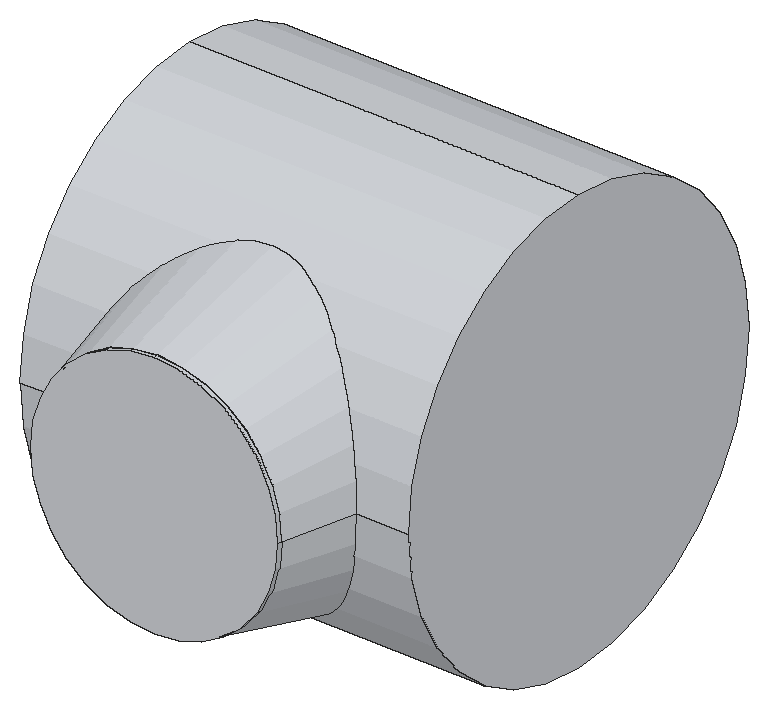
Revit family "d08d7e630a7a43db8aba611499c45f71", category Duct Fittings, Revit 2021
Family settings
  Round Connector Dimension = Use Radius
  Part Type = Cross
  OmniClass Number = 23.75.70.14
  OmniClass Title = Air Ductwork
  Seek Item ID = Round Cross - Conical-0000-USA-ENU
  Work Plane-Based = No
  Always vertical = Yes
  Cut with Voids When Loaded = No
  Shared = No
Parameters (values of type "Standard")
  StubLength [instance] = 1/4"
  Duct Radius 1 [instance] = 12"
  L1 [instance] = ConeBaseRadius * 2  # 22"
  Duct Radius 4 [instance] = 7"
  Duct Radius 3 [instance] = 3"
  Duct Diameter 4 [instance] = 2 * Duct Radius 4  # 14"
  Default Elevation = 0' - 0"
  D3 ConeLength [instance] = -ConeLength  # -16"
  Duct Diameter 3 [instance] = 2 * Duct Radius 3  # 6"
  Duct Diameter 1 [instance] = 2 * Duct Radius 1  # 24"
  ConeLength [instance] = Duct Radius 1 + ConeExtension  # 16"
  ConeLeg [instance] = 2"
  ConeExtension [instance] = 4"
  ConeBaseRadius [instance] = if(Duct Radius 3 > Duct Radius 4, Duct Radius 3 + ConeLeg * 2, Duct Radius 4 + ConeLeg * 2)  # 11"
  Assembly Code = ""
Reference planes (in)
  plane 1 "Center (Front/Back)": y = 0
  plane 2: z = 0
  plane 3 "Center (Left/Right)": x = 0
  plane 4: x = -11
  plane 5: x = 11
  plane 6: y = 16
  plane 7: y = -16
  plane 8: y = 16.25
  plane 9: y = -16.25
Forms (in)
  Sweep 1, solid, detail levels medium+fine
    path in 3D
      loop
        line (-11, 0, 0) -> (11, 0, 0)
    profile "Duct - Round : Duct - Round 1" origin (0, 0, 0) x (0, 1, 0) y (0, 0, 1)
      loop
        arc (-12, 0) -> (-8.48528, -8.48528) -> (0, -12) r 12
        arc (0, -12) -> (8.48528, -8.48528) -> (12, 0) r 12
        arc (12, 0) -> (8.48528, 8.48528) -> (0, 12) r 12
        arc (0, 12) -> (-8.48528, 8.48528) -> (-12, 0) r 12
  Sweep 2, solid, detail levels medium+fine
    path in 3D
      loop
        line (0, 16.25, 0) -> (0, 16, 0)
    profile "Duct - Round : Duct - Round 3" origin (0, 16.125, 0) x (1, 0, 0) y (0, 0, 1)
      loop
        arc (-3, 0) -> (-2.12132, -2.12132) -> (0, -3) r 3
        arc (0, -3) -> (2.12132, -2.12132) -> (3, 0) r 3
        arc (3, 0) -> (2.12132, 2.12132) -> (0, 3) r 3
        arc (0, 3) -> (-2.12132, 2.12132) -> (-3, 0) r 3
  Sweep 3, solid, detail levels medium+fine
    path in 3D
      loop
        line (0, -16, 0) -> (0, -16.25, 0)
    profile "Duct - Round : Duct - Round 4" origin (0, -16.125, 0) x (1, 0, 0) y (0, 0, 1)
      loop
        arc (-7, 0) -> (-4.94975, -4.94975) -> (0, -7) r 7
        arc (0, -7) -> (4.94975, -4.94975) -> (7, 0) r 7
        arc (7, 0) -> (4.94975, 4.94975) -> (0, 7) r 7
        arc (0, 7) -> (-4.94975, 4.94975) -> (-7, 0) r 7
  Blend 4, solid, detail levels medium+fine
    base sketch origin (0, 0, 0) x (1, 0, 0) y (0, 0, 1)
      loop
        circle (0, 0) r 11
    top sketch origin (0, 0, 0) x (1, 0, 0) y (0, 0, 1)
      loop
        circle (0, 0) r 7
    from 0 to 16 <- "ConeLength"
  Blend 5, solid, detail levels medium+fine
    base sketch origin (0, 0, 0) x (1, 0, 0) y (0, 0, 1)
      loop
        circle (0, 0) r 11
    top sketch origin (0, 0, 0) x (1, 0, 0) y (0, 0, 1)
      loop
        circle (0, 0) r 3
    from 0 to -16 <- "D3 ConeLength"
Cuts and joins
  joined: Sweep 1, Blend 4, Blend 5
Lines and regions (in)
  reference lines
    curve 1: line (-11, 0, 0) -> (11, 0, 0)
    curve 3: line (0, 16.25, 0) -> (0, 16, 0)
    curve 4: line (0, 12, 0) -> (0, 11.75, 0)
    curve 5: line (0, -3.20743, 0) -> (0, -3.45743, 0)
    curve 6: line (0, -16, 0) -> (0, -16.25, 0)
  sketch lines
    curve 2: line (-11, 0, 0) -> (11, 0, 0)
    curve 7: line (0, 16.25, 0) -> (0, 16, 0)
    curve 8: line (0, -16, 0) -> (0, -16.25, 0)
  model lines, style "DuctFitting", detail levels coarse
    curve 9: line (-11, 0, 0) -> (11, 0, 0)
    curve 10: line (0, 16.25, 0) -> (0, -16.25, 0)
Dimensions and locks (in)
  "StubLength": plane 9 to plane 7
  "ConeLength": plane 1 "Center (Front/Back)" to plane 6
  "ConeLength": plane 7 to plane 1 "Center (Front/Back)"
  "StubLength": plane 6 to plane 8
  "ConeBaseRadius": plane 4 to plane 3 "Center (Left/Right)"
  "ConeBaseRadius": plane 3 "Center (Left/Right)" to plane 5
  "ConeBaseRadius": radius of Blend 4 sketch curve
  "Duct Radius 4": radius of Blend 4 sketch curve
  "ConeBaseRadius": radius of Blend 5 sketch curve
  "Duct Radius 3": radius of Blend 5 sketch curve
  aligned and locked: plane 5 to curve 1
  aligned and locked: plane 4 to curve 1
  aligned and locked: plane 1 "Center (Front/Back)" to curve 1
  aligned and locked: plane 7 to curve 6
  aligned and locked: plane 9 to curve 6
  aligned and locked: curve 6 to plane 3 "Center (Left/Right)"
  aligned and locked: curve 5 to plane 3 "Center (Left/Right)"
  aligned and locked: plane 8 to curve 3
  aligned and locked: curve 4 to plane 3 "Center (Left/Right)"
  aligned and locked: plane 3 "Center (Left/Right)" to Blend 4 sketch curve  (x2)
  aligned and locked: plane 2 to Blend 4 sketch curve  (x2)
  aligned and locked: curve 3 to plane 3 "Center (Left/Right)"
  aligned and locked: plane 3 "Center (Left/Right)" to Blend 5 sketch curve  (x2)
  aligned and locked: plane 2 to Blend 5 sketch curve  (x2)
  aligned and locked: curve 10 to Sweep 2
  aligned and locked: connector elem to curve 10
  aligned and locked: Blend 5 to plane 6
  aligned and locked: plane 1 "Center (Front/Back)" to Blend 5
  aligned and locked: Blend 4 to plane 1 "Center (Front/Back)"
  aligned and locked: plane 7 to Blend 4
  aligned and locked: plane 9 to curve 10
  aligned and locked: plane 1 "Center (Front/Back)" to curve 9
  aligned and locked: plane 4 to curve 9
  aligned and locked: plane 5 to curve 9
  aligned and locked: curve 3 to cut or joined group of Sweep 1, Blend 4, Blend 5
Automatic sketch dimensions
  curve 3 to plane 6 = 0' - 0"
  plane 1 "Center (Front/Back)" to curve 5 = 0' - 3.45743"
  curve 5 to curve 5 = 0' - 0 1/4"
  plane 6 to curve 4 = 0' - 4 1/4"
  curve 4 to curve 4 = 0' - 0 1/4"
Connectors (in)
  hvac at (-11, 0, 0), driven by "Duct Radius 1"
    settings: on cut or joined group of Sweep 1, Blend 4, Blend 5, index 1, duct flow 0 CFM, flow factor 0, pres drop 0.00 in-wg, loss coef 0, conn angle 0.00°, conn width 12", conn height 12", conn diameter 24", duct sys type 28, conn prof type 0, flow config 0, flow direction 0, loss method 0, conn ref index 2, conn util no, is conn primary yes, conn desc ""
  hvac at (11, 0, 0), driven by "Duct Radius 1"
    settings: on cut or joined group of Sweep 1, Blend 4, Blend 5, index 2, duct flow 0 CFM, flow factor 0, pres drop 0.00 in-wg, loss coef 0, conn angle 0.00°, conn width 12", conn height 12", conn diameter 24", duct sys type 28, conn prof type 0, flow config 0, flow direction 0, loss method 0, conn ref index 1, conn util no, is conn primary no, conn desc ""
  hvac at (0, 16.25, 0), driven by "Duct Radius 3"
    settings: on Sweep 2, index 3, duct flow 0 CFM, flow factor 0, pres drop 0.00 in-wg, loss coef 0, conn angle 0.00°, conn width 12", conn height 12", conn diameter 6", duct sys type 28, conn prof type 0, flow config 0, flow direction 0, loss method 0, conn ref index 4, conn util no, is conn primary no, conn desc ""
  hvac at (0, -16.25, 0), driven by "Duct Radius 4"
    settings: on Sweep 3, index 4, duct flow 0 CFM, flow factor 0, pres drop 0.00 in-wg, loss coef 0, conn angle 0.00°, conn width 12", conn height 12", conn diameter 14", duct sys type 28, conn prof type 0, flow config 0, flow direction 0, loss method 0, conn ref index 3, conn util no, is conn primary no, conn desc ""
